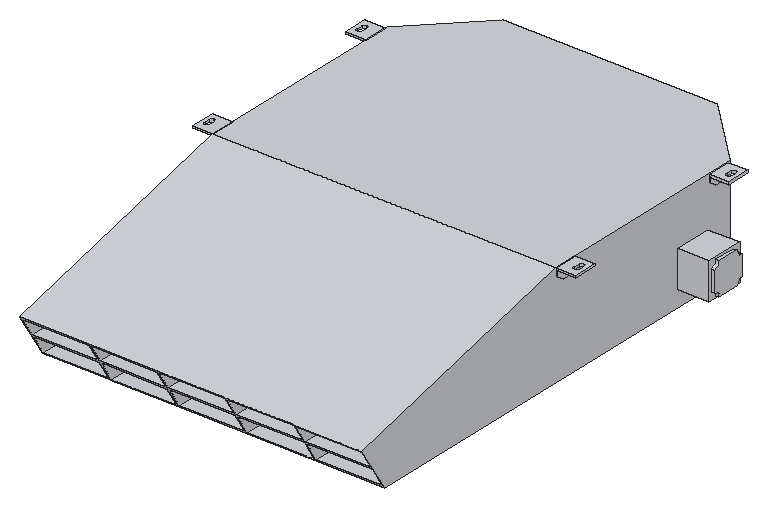
Revit family "BVN-ARMO-JR", category Mechanical Equipment, Revit 2019
Family settings
  Round Connector Dimension = Use Diameter
  Part Type = Normal
  OmniClass Number = 23.75.00.00
  OmniClass Title = Climate Control (HVAC)
  Work Plane-Based = No
  Always vertical = Yes
  Cut with Voids When Loaded = No
  Shared = No
  Room Calculation Point = No
Parameters (values of type "ARMO-RJF-50")
  Voltage = 48 V
  URL = "http://www.bahcivanmotor.com.tr/"
  Tij Malzeme = none
  Speed (rpm) = 2920
  Pressure mm/ss = 80
  Power = 1200 W
  Model = "ARMO-RJ"
  Manufacturer = "BVN"
  Ic Malzeme = none
  Frequency = 6750 Hz
  Dis Malzeme = none
  Description = "Smoke Exhaust Fan"
  Air Flow = 1430.0 m³/h
Reference planes
  plane 1 "Center (Front/Back)": y = 0
  plane 2: z = 0
  plane 3 "Center (Left/Right)": x = 0
Forms (mm)
  Extrusion 1, solid
    sketch origin (0, 0, 0) x (0, 1, 0) y (0, 0, 1)
      loop
        line (0, 256) -> (-700, 256) -> (-1300, 111.095) -> (-1229.794, 0) -> (0, 0) -> (0, 256)
    from -425 to 425
  Extrusion 2, void
    sketch origin (0, 0, 0) x (1, 0, 0) y (0, 1, 0)
      loop
        line (-266.92, 0) -> (-425, 0) -> (-425, -158.08) -> (-266.92, 0)
      loop
        line (264.773, 0) -> (425, -160.227) -> (425, 0) -> (264.773, 0)
    from -500 to 500
  Extrusion 3, solid
    sketch origin (0, 0, 0) x (1, 0, 0) y (0, 1, 0)
      loop
        line (-425, -166.363) -> (-475, -166.363) -> (-475, -226.363) -> (-425, -226.363) -> (-425, -166.363)
      loop
        line (-425, -640) -> (-475, -640) -> (-475, -700) -> (-425, -700) -> (-425, -640)
      loop
        line (425, -166.363) -> (425, -226.363) -> (475, -226.363) -> (475, -166.363) -> (425, -166.363)
      loop
        line (425, -640) -> (425, -700) -> (475, -700) -> (475, -640) -> (425, -640)
    from 251 to 256
  Extrusion 4, solid
    sketch origin (-425, 0, 0) x (0, -1, 0) y (0, 0, 1)
      loop
        line (166.363, 251) -> (166.363, 238.5) -> (184.215, 226) -> (208.511, 226) -> (226.363, 238.5) -> (226.363, 251) -> (166.363, 251)
      loop
        line (640, 251) -> (640, 238.5) -> (657.852, 226) -> (682.148, 226) -> (700, 238.5) -> (700, 251) -> (640, 251)
    from 0 to 5
  Extrusion 5, solid
    sketch origin (425, 0, 0) x (0, 1, 0) y (0, 0, 1)
      loop
        line (-700, 251) -> (-700, 238.5) -> (-682.148, 226) -> (-657.852, 226) -> (-640, 238.5) -> (-640, 251) -> (-700, 251)
      loop
        line (-226.363, 251) -> (-226.363, 238.5) -> (-208.511, 226) -> (-184.215, 226) -> (-166.363, 238.5) -> (-166.363, 251) -> (-226.363, 251)
    from 0 to 5
  Extrusion 6, solid
    sketch origin (199.765, -939.901, 0) x (1, 0, 0) y (0, -1, 0)
      loop
        circle (-108.777, -471.068) r 280
    from 0 to 2
  Extrusion 7, solid
    sketch origin (199.765, -939.901, 0) x (1, 0, 0) y (0, -1, 0)
      loop
        circle (-108.777, -471.068) r 200
    from 0 to 5
  Extrusion 8, solid
    sketch origin (425, 65.609, 10) x (0, 1, 0) y (0, 0, 1)
      loop
        line (-390.609, 124.535) -> (-390.609, 33.851) -> (-295.609, 33.851) -> (-295.609, 124.535) -> (-390.609, 124.535)
    from 0 to 90
  Extrusion 9, void
    sketch origin (0, 0, 0) x (1, 0, 0) y (0, 0, 1)
      loop
        line (422, 108) -> (256.2, 108) -> (256.2, 58.5) -> (422, 58.5) -> (422, 108)
      loop
        line (-422, 108) -> (-422, 58.5) -> (-256.2, 58.5) -> (-256.2, 108) -> (-422, 108)
      loop
        line (-422, 3) -> (-256.2, 3) -> (-256.2, 55.5) -> (-422, 55.5) -> (-422, 3)
      loop
        line (422, 3) -> (422, 55.5) -> (256.2, 55.5) -> (256.2, 3) -> (422, 3)
      loop
        line (-253.2, 108) -> (-253.2, 58.5) -> (-87.4, 58.5) -> (-87.4, 108) -> (-253.2, 108)
      loop
        line (-84.4, 108) -> (-84.4, 58.5) -> (81.4, 58.5) -> (81.4, 108) -> (-84.4, 108)
      loop
        line (84.4, 108) -> (84.4, 58.5) -> (253.2, 58.5) -> (253.2, 108) -> (84.4, 108)
      loop
        line (253.2, 55.5) -> (84.4, 55.5) -> (84.4, 3) -> (253.2, 3) -> (253.2, 55.5)
      loop
        line (-84.4, 55.5) -> (-84.4, 3) -> (81.4, 3) -> (81.4, 55.5) -> (-84.4, 55.5)
      loop
        line (-253.2, 55.5) -> (-253.2, 3) -> (-87.4, 3) -> (-87.4, 55.5) -> (-253.2, 55.5)
    from 1145.854 to 1337.751
  Extrusion 10, void
    sketch origin (199.765, -939.901, -5) x (1, 0, 0) y (0, 1, 0)
      loop
        circle (-108.777, 471.068) r 60
      loop
        circle (-108.777, 471.068) r 80
      loop
        circle (-108.777, 471.068) r 100
      loop
        circle (-108.777, 471.068) r 120
      loop
        circle (-108.777, 471.068) r 140
      loop
        circle (-108.777, 471.068) r 160
      loop
        circle (-108.777, 471.068) r 180
      loop
        circle (-108.777, 471.068) r 40
      loop
        circle (-108.777, 471.068) r 50
      loop
        circle (-108.777, 471.068) r 70
      loop
        circle (-108.777, 471.068) r 90
      loop
        circle (-108.777, 471.068) r 110
      loop
        circle (-108.777, 471.068) r 130
      loop
        circle (-108.777, 471.068) r 150
      loop
        circle (-108.777, 471.068) r 170
      loop
        circle (-108.777, 471.068) r 190
    from 0 to 20
  Extrusion 11, void
    sketch origin (0, -1063.403, 0) x (0, -1, 0) y (1, 0, 0)
      loop
        circle (-594.57, 90.988) r 200
    from -2 to 124.535
  Extrusion 12, void
    sketch origin (0, -84.711, 256) x (1, 0, 0) y (0, -1, 0)
      loop
        arc (-451.575, 591.8) -> (-458.395, 598.621) -> (-465.216, 591.8) r 6.82
        line (-465.216, 591.8) -> (-465.216, 578.212)
        arc (-465.216, 578.212) -> (-458.395, 571.391) -> (-451.575, 578.212) r 6.82
        line (-451.575, 578.212) -> (-451.575, 591.8)
      loop
        line (451.575, 591.8) -> (451.575, 578.212)
        arc (451.575, 578.212) -> (458.395, 571.391) -> (465.216, 578.212) r 6.82
        line (465.216, 578.212) -> (465.216, 591.8)
        arc (465.216, 591.8) -> (458.395, 598.621) -> (451.575, 591.8) r 6.82
      loop
        line (-451.575, 105.14) -> (-451.575, 118.729)
        arc (-451.575, 118.729) -> (-458.395, 125.549) -> (-465.216, 118.729) r 6.82
        line (-465.216, 118.729) -> (-465.216, 105.14)
        arc (-465.216, 105.14) -> (-458.395, 98.32) -> (-451.575, 105.14) r 6.82
      loop
        arc (451.575, 105.14) -> (458.395, 98.32) -> (465.216, 105.14) r 6.82
        line (465.216, 105.14) -> (465.216, 118.729)
        arc (465.216, 118.729) -> (458.395, 125.549) -> (451.575, 118.729) r 6.82
        line (451.575, 118.729) -> (451.575, 105.14)
    from -10 to 10
  Extrusion 13, void
    sketch origin (515, 65.609, 10) x (0, -1, 0) y (0, 0, 1)
      loop
        line (370.609, 119.535) -> (315.609, 119.535)
        arc (315.609, 119.535) -> (311.215, 108.929) -> (300.609, 104.535) r 15
        line (300.609, 104.535) -> (300.609, 53.851)
        arc (300.609, 53.851) -> (311.215, 49.458) -> (315.609, 38.851) r 15
        line (315.609, 38.851) -> (370.609, 38.851)
        arc (370.609, 38.851) -> (375.002, 49.458) -> (385.609, 53.851) r 15
        line (385.609, 53.851) -> (385.609, 104.535)
        arc (385.609, 104.535) -> (375.002, 108.929) -> (370.609, 119.535) r 15
      loop
        line (390.609, 124.535) -> (295.609, 124.535) -> (295.609, 33.851) -> (390.609, 33.851) -> (390.609, 124.535)
    from -10 to 10
  Extrusion 14, solid
    sketch origin (199.765, -939.901, -5) x (0, 1, 0) y (1, 0, 0)
      loop
        line (469.951, 90.388) -> (469.951, -68.793)
        arc (469.951, -68.793) -> (455.751, -71.826) -> (443.569, -79.729) r 40
        line (443.569, -79.729) -> (330.907, 32.932) -> (329.215, 31.239) -> (441.88, -81.426)
        arc (441.88, -81.426) -> (434.268, -93.1) -> (431.123, -106.677) r 40
        line (431.123, -106.677) -> (271.523, -106.677) -> (271.523, -109.071) -> (431.069, -109.071)
        arc (431.069, -109.071) -> (433.75, -123.177) -> (441.24, -135.428) r 40
        line (441.24, -135.428) -> (328.251, -248.417) -> (329.943, -250.11) -> (442.888, -137.165)
        arc (442.888, -137.165) -> (455.314, -145.544) -> (469.951, -148.762) r 40
        line (469.951, -148.762) -> (469.951, -308.53) -> (472.345, -308.53) -> (472.345, -148.757)
        arc (472.345, -148.757) -> (486.365, -145.737) -> (498.419, -137.965) r 40
        line (498.419, -137.965) -> (611.292, -250.838) -> (612.985, -249.146) -> (500.116, -136.277)
        arc (500.116, -136.277) -> (508.175, -123.714) -> (511.067, -109.071) r 40
        line (511.067, -109.071) -> (670.441, -109.071) -> (670.441, -106.677) -> (511.013, -106.677)
        arc (511.013, -106.677) -> (507.638, -92.572) -> (499.456, -80.597) r 40
        line (499.456, -80.597) -> (612.021, 31.968) -> (610.328, 33.661) -> (497.719, -78.949)
        arc (497.719, -78.949) -> (485.926, -71.639) -> (472.345, -68.798) r 40
        line (472.345, -68.798) -> (472.345, 90.388) -> (469.951, 90.388)
    from -3 to 0
  Extrusion 15, solid
    sketch origin (199.765, -939.901, -2) x (0, 1, 0) y (1, 0, 0)
      loop
        circle (226.068, -108.777) r 5
      loop
        circle (297.827, 64.464) r 5
      loop
        circle (644.309, 64.464) r 5
      loop
        circle (471.068, 136.223) r 5
      loop
        circle (716.068, -108.777) r 5
      loop
        circle (297.827, -282.018) r 5
      loop
        circle (644.309, -282.018) r 5
      loop
        circle (471.068, -353.777) r 5
    from -3 to 3
Cuts and joins
  Extrusion 2, Extrusion 9, Extrusion 11 cuts Extrusion 1
  Extrusion 10, Extrusion 11 cuts Extrusion 7
  Extrusion 11 cuts Extrusion 6
  Extrusion 12 cuts Extrusion 3
  Extrusion 13 cuts Extrusion 8
Dimensions and locks
  locked: Extrusion 1 sketch curve to Extrusion 1 sketch curve at 256
  locked: Extrusion 1 sketch curve to plane 1 "Center (Front/Back)" at 1300
  locked: Extrusion 1 sketch curve to plane 1 "Center (Front/Back)" at 700
  equal spacing: Extrusion 9 sketch curve, Extrusion 9 sketch curve, Extrusion 9 sketch curve, Extrusion 9 sketch curve, Extrusion 9 sketch curve, Extrusion 9 sketch curve
  locked: Extrusion 2 sketch curve to Extrusion 2 sketch curve (angle 45.00°)  (x2)
  aligned and locked: level to plane 2
  aligned and locked: Extrusion 1 sketch curve to plane 2
  aligned and locked: Extrusion 1 sketch curve to plane 1 "Center (Front/Back)"
  aligned and locked: Extrusion 2 sketch curve to plane 1 "Center (Front/Back)"  (x2)
  aligned and locked: Extrusion 2 sketch curve to Extrusion 1
  aligned and locked: Extrusion 1 to Extrusion 2 sketch curve
  aligned and locked: cut or joined group of Extrusion 6, Extrusion 11 to Extrusion 11
